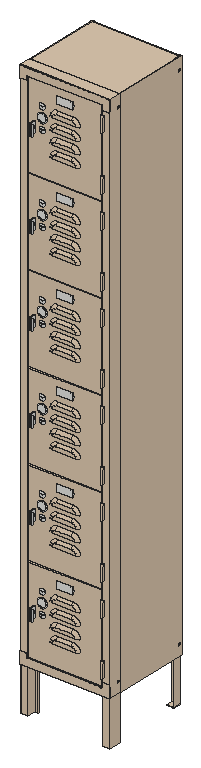
Revit family "Metal_Lockers-Salsbury_Industries-65000_66000_Series-1_Wide_Units", category Specialty Equipment, Revit 2024 (continued)
Definition of nested family "Metal Locker Legs"
  Automatic sketch dimensions
    plane 6 "Left Side of Unit" to Extrusion 2 sketch curve = 0.060"
    plane 17 "Back Edge of Rear Legs" to Extrusion 3 sketch curve = 0.000"
    Extrusion 3 sketch curve to plane 21 "Inside Edge or Rear Right Leg" = 0.000"
    Extrusion 3 sketch curve to plane 18 "Right Edge of Rear Right Leg" = 0.000"
    plane 20 to Extrusion 3 sketch curve = 0.000"
    plane 17 "Back Edge of Rear Legs" to Extrusion 3 sketch curve = 0.060"
    plane 18 "Right Edge of Rear Right Leg" to Extrusion 3 sketch curve = 0.060"
    plane 17 "Back Edge of Rear Legs" to Extrusion 4 sketch curve = 0.000"
    Extrusion 4 sketch curve to plane 18 "Right Edge of Rear Right Leg" = 0.000"
    plane 20 to Extrusion 4 sketch curve = 0.000"
    Extrusion 4 sketch curve to plane 21 "Inside Edge or Rear Right Leg" = 0.000"
    plane 17 "Back Edge of Rear Legs" to Extrusion 5 sketch curve = 0.000"
    Extrusion 5 sketch curve to plane 22 "Inside Edge or Left Rear Leg" = 0.000"
    Extrusion 5 sketch curve to plane 19 "Left Edge or Rear Left Leg" = 0.000"
    plane 20 to Extrusion 5 sketch curve = 0.000"
    Extrusion 5 sketch curve to plane 17 "Back Edge of Rear Legs" = 0.060"
    Extrusion 5 sketch curve to plane 19 "Left Edge or Rear Left Leg" = 0.060"
    plane 17 "Back Edge of Rear Legs" to Extrusion 6 sketch curve = 0.000"
    Extrusion 6 sketch curve to plane 19 "Left Edge or Rear Left Leg" = 0.000"
    plane 20 to Extrusion 6 sketch curve = 0.000"
    Extrusion 6 sketch curve to plane 22 "Inside Edge or Left Rear Leg" = 0.000"
Definition of nested family "Metal Locker Doors-12 inch with Latch Hasps"
  Parameters (values of type "Six Tier Door - 6 foot")
    Width = 9.901"
    Visible = yes
    Primary Structure Material = none
    Louver Set Vertical Alignment = 2.731"
    Number Plate Alignment = 0.9375"
    Louver Width = 4.000"
    Hinge 2 Placement = 8.449"
    Hinge 1 Placement = 1.125"
    Height = 11.532"
    Hasp Plate Rivet Material = none
    Hasp Height = 1.438"
    Depth = 0.900"
    Default Elevation = 0.000"
  Types (4): name | Louver Set Vertical Alignment | Hinge 2 Placement | Height
    Four Tier Door - 6 foot | 5.710" | 14.142" | 17.360"
    Four Tier Door - 5 foot | 4.240" | 11.142" | 14.360"
    Five Tier Door - 5 foot | 2.826" | 8.188" | 11.463"
    Six Tier Door - 6 foot | 2.731" | 8.449" | 11.532"
  Reference planes (in)
    plane 1 "Center (Front/Back)": y = 0
    plane 2 "Bottom of Door": z = 0
    plane 3 "Center (Left/Right)": x = 0
    plane 4 "Center (Top/Bottom)": z = 5.766
    plane 5 "Top of Door": z = 11.532
    plane 6 "Right Side of Door": x = 4.9505
    plane 7 "Left Side of Door": x = -4.9505
    plane 8 "Front of Door": y = -0.45
    plane 9 "Back of Door": y = 0.45
    plane 10 "Top of Number Plate": z = 10.5945
    plane 11 "Top of Top Vent 1": z = 8.801
    plane 12 "Top of Top Vent 2": z = 7.176
    plane 13 "Top of Top Vent 3": z = 5.551
    plane 14 "Top of Top Vent 4": z = 3.926
    plane 15 "Top of Hasp Alignment": z = 6.485
    plane 16 "Bottom of Hasp Alignment": z = 5.047
    plane 17 "Left Side of Louvers": x = -2
    plane 18 "Right Side of Louvers": x = 2
    plane 19 "Front of Louvers": y = -0.6375
    plane 20: x = -1.094
    plane 21: x = 1.094
    plane 22: z = 9.5945
    plane 23 "Center Hasp": x = -1.7755
    plane 24 "Top of Hinge 2": z = 3.083
    plane 25 "Top of Hinge 1": z = 10.407
    plane 26 "Left Hasp Hole Align": x = -4.263
    plane 27 "Right Hasp Hole Align": x = -4.013
    plane 28 "Center Hasp Stud Align": z = 7.18441
    plane 29 "Top Hasp Stud Align": z = 8.60282
    plane 30 "Vertical Hasp Stud Align": x = -3.076
    plane 31: z = 7.801
    plane 32: z = 6.176
    plane 33: z = 4.551
    plane 34: z = 2.926
    plane 35 "Vertical Center Hasp Align": x = -4.13777
  Forms (in)
    Extrusion 1, solid, material <- "Primary Structure Material", visible <- "Visible"
      sketch origin (0, 0, 0) x (1, 0, 0) y (0, 0, 1)
        loop
          line (-4.9505, 11.532) -> (-4.9505, 0) -> (4.9505, 0) -> (4.9505, 11.532) -> (-4.9505, 11.532)
      from -0.45 to 0.45
    Extrusion 2, solid, material <- "Hasp Plate Rivet Material", visible <- "Visible", detail levels medium+fine
      sketch origin (0, -0.45, 0) x (1, 0, 0) y (0, 0, 1)
        loop
          arc (-1.06847, 10.55895) -> (-1.10166, 10.09621) -> (-1.06847, 9.63347) r 3.2426
          arc (-1.06847, 9.63347) -> (0, 9.59472) -> (1.06847, 9.63347) r 14.75
          arc (1.06847, 9.63347) -> (1.10166, 10.09621) -> (1.06847, 10.55895) r 3.2426
          arc (1.06847, 10.55895) -> (0, 10.59799) -> (-1.06847, 10.55895) r 14.63753
      from 0 to 0.03497
    Extrusion 3, void
      sketch origin (-1.7755, -0.13281, 0.04687) x (0, 0, -1) y (0, -1, 0)
        loop
          circle (-5.44277, -0.16411) r 0.2
      from -0.163 to 0.163
    Extrusion 4, solid, material <- "Primary Structure Material", visible <- "Visible", detail levels medium+fine
      sketch origin (0, 0, 10.407) x (0, -1, 0) y (1, 0, 0)
        loop
          line (0.45, 4.9505) -> (0.575, 4.9505)
          arc (0.575, 4.9505) -> (0.7, 5.0755) -> (0.575, 5.2005) r 0.125
          line (0.575, 5.2005) -> (0.45, 5.2005) -> (0.45, 4.9505)
      from 0 to -2
    Extrusion 5, solid, material <- "Primary Structure Material", visible <- "Visible", detail levels medium+fine
      sketch origin (0, 0, 3.083) x (0, -1, 0) y (1, 0, 0)
        loop
          line (0.45, 4.9505) -> (0.575, 4.9505)
          arc (0.575, 4.9505) -> (0.7, 5.0755) -> (0.575, 5.2005) r 0.125
          line (0.575, 5.2005) -> (0.45, 5.2005) -> (0.45, 4.9505)
      from 0 to -2
    Extrusion 6, void
      sketch origin (0, -0.45, 0) x (1, 0, 0) y (0, 0, 1)
        loop
          line (-4.263, 6.485) -> (-4.263, 5.047) -> (-4.013, 5.047) -> (-4.013, 6.485) -> (-4.263, 6.485)
      from -0.9 to 0
    Blend 7, solid, material <- "Primary Structure Material", visible <- "Visible"
      base sketch origin (0.875, -0.45, 0.208) x (1, 0, 0) y (0, 0, 1)
        loop
          line (-2.875, 7.593) -> (1.125, 7.593)
          arc (1.125, 7.593) -> (0.83211, 8.30011) -> (0.125, 8.593) r 1
          line (0.125, 8.593) -> (-1.875, 8.593)
          arc (-1.875, 8.593) -> (-2.58211, 8.30011) -> (-2.875, 7.593) r 1
      top sketch origin (0.875, -0.6375, 0.208) x (1, 0, 0) y (0, 0, 1)
        loop
          line (-2.44242, 7.593) -> (0.69242, 7.593)
          arc (0.69242, 7.593) -> (0.52766, 7.99075) -> (0.12992, 8.1555) r 0.5625
          line (0.12992, 8.1555) -> (-1.87992, 8.1555)
          arc (-1.87992, 8.1555) -> (-2.27766, 7.99075) -> (-2.44242, 7.593) r 0.5625
      from 0 to 0
    Blend 8, solid, material <- "Primary Structure Material", visible <- "Visible"
      base sketch origin (0.875, -0.45, 1.652) x (1, 0, 0) y (0, 0, 1)
        loop
          line (-2.875, 4.524) -> (1.125, 4.524)
          arc (1.125, 4.524) -> (0.83211, 5.23111) -> (0.125, 5.524) r 1
          line (0.125, 5.524) -> (-1.875, 5.524)
          arc (-1.875, 5.524) -> (-2.58211, 5.23111) -> (-2.875, 4.524) r 1
      top sketch origin (0.875, -0.6375, 1.652) x (1, 0, 0) y (0, 0, 1)
        loop
          line (-2.43346, 4.524) -> (0.68346, 4.524)
          arc (0.68346, 4.524) -> (0.52224, 4.91321) -> (0.13303, 5.07443) r 0.55043
          line (0.13303, 5.07443) -> (-1.88303, 5.07443)
          arc (-1.88303, 5.07443) -> (-2.27224, 4.91321) -> (-2.43346, 4.524) r 0.55043
      from 0 to 0
    Blend 9, solid, material <- "Primary Structure Material", visible <- "Visible"
      base sketch origin (0.875, -0.45, -3.042) x (1, 0, 0) y (0, 0, 1)
        loop
          line (-2.875, 7.593) -> (1.125, 7.593)
          arc (1.125, 7.593) -> (0.83211, 8.30011) -> (0.125, 8.593) r 1
          line (0.125, 8.593) -> (-1.875, 8.593)
          arc (-1.875, 8.593) -> (-2.58211, 8.30011) -> (-2.875, 7.593) r 1
      top sketch origin (0.875, -0.6375, -3.042) x (1, 0, 0) y (0, 0, 1)
        loop
          line (-2.44242, 7.593) -> (0.58842, 7.593)
          arc (0.58842, 7.593) -> (0.45412, 7.91721) -> (0.12992, 8.0515) r 0.4585
          line (0.12992, 8.0515) -> (-1.98392, 8.0515)
          arc (-1.98392, 8.0515) -> (-2.30812, 7.91721) -> (-2.44242, 7.593) r 0.4585
      from 0 to 0
    Blend 10, solid, material <- "Primary Structure Material", visible <- "Visible"
      base sketch origin (0.875, -0.45, -1.598) x (1, 0, 0) y (0, 0, 1)
        loop
          line (-2.875, 4.524) -> (1.125, 4.524)
          arc (1.125, 4.524) -> (0.83211, 5.23111) -> (0.125, 5.524) r 1
          line (0.125, 5.524) -> (-1.875, 5.524)
          arc (-1.875, 5.524) -> (-2.58211, 5.23111) -> (-2.875, 4.524) r 1
      top sketch origin (0.875, -0.6375, -1.598) x (1, 0, 0) y (0, 0, 1)
        loop
          line (-2.43234, 4.524) -> (0.68234, 4.524)
          arc (0.68234, 4.524) -> (0.52129, 4.9128) -> (0.13249, 5.07385) r 0.54985
          line (0.13249, 5.07385) -> (-1.88249, 5.07385)
          arc (-1.88249, 5.07385) -> (-2.27129, 4.9128) -> (-2.43234, 4.524) r 0.54985
      from 0 to 0
    Blend 11, solid, material <- "Hasp Plate Rivet Material", visible <- "Visible", detail levels medium+fine
      base sketch origin (0, -0.45, 0) x (1, 0, 0) y (0, 0, 1)
        loop
          circle (-3.076, 5.766) r 0.375
      top sketch origin (0, -0.45, 0) x (1, 0, 0) y (0, 0, 1)
        loop
          circle (-3.076, 5.766) r 0.09706
      from 0 to 0.03497
    Blend 12, solid, material <- "Hasp Plate Rivet Material", visible <- "Visible", detail levels medium+fine
      base sketch origin (0, -0.45, 2.83682) x (1, 0, 0) y (0, 0, 1)
        loop
          circle (-3.076, 5.766) r 0.375
      top sketch origin (0, -0.45, 2.83682) x (1, 0, 0) y (0, 0, 1)
        loop
          circle (-3.076, 5.766) r 0.09706
      from 0 to 0.03497
    Blend 13, solid, material <- "Hasp Plate Rivet Material", visible <- "Visible", detail levels medium+fine
      base sketch origin (0, -0.45, -0.16841) x (1, 0, 0) y (0, 0, 1)
        loop
          circle (-3.076, 7.35282) r 0.625
      top sketch origin (0, -0.45, -0.16841) x (1, 0, 0) y (0, 0, 1)
        loop
          circle (-3.076, 7.35282) r 0.58088
      from 0 to 0.03497
    Extrusion 14, solid, material <- "Hasp Plate Rivet Material", visible <- "Visible"
      sketch origin (0, 0, 5.047) x (0, -1, 0) y (1, 0, 0)
        loop
          line (-0.45, -4.07527) -> (-0.45, -4.13777) -> (1.2, -4.13777)
          arc (1.2, -4.13777) -> (1.24419, -4.11946) -> (1.2625, -4.07527) r 0.0625
          line (1.2625, -4.07527) -> (1.2625, -3.76277) -> (1.20579, -3.76277) -> (1.20579, -4.0127)
          arc (1.20579, -4.0127) -> (1.18746, -4.05694) -> (1.14322, -4.07527) r 0.06257
          line (1.14322, -4.07527) -> (-0.45, -4.07527)
      from 0 to 1.438
    Extrusion 15, solid, material <- "Hasp Plate Rivet Material", visible <- "Visible"
      sketch origin (0, 0, 5.047) x (0, -1, 0) y (1, 0, 0)
        loop
          line (-0.45, -4.20027) -> (1.2625, -4.20027) -> (1.2625, -4.13777) -> (-0.45, -4.13777) -> (-0.45, -4.20027)
      from 0 to 1.438
    Extrusion 16, void
      sketch origin (-4.013, 0, 0) x (0, 0, -1) y (0, -1, 0)
        loop
          circle (-5.766, 0.82219) r 0.375
      from 0 to 0.25
  Cuts and joins
    Extrusion 3, Extrusion 6 cuts Extrusion 1
    Extrusion 16 cuts Extrusion 14
    Extrusion 16 cuts Extrusion 15
  Lines and regions (in)
    symbolic lines
      curve 1: arc (-2, -0.45, 7.801) -> (-1.70711, -0.45, 8.50811) -> (-1, -0.45, 8.801) r 1
      curve 2: arc (2, -0.45, 7.801) -> (1.70711, -0.45, 8.50811) -> (1, -0.45, 8.801) r 1
      curve 3: arc (2, -0.45, 6.176) -> (1.70711, -0.45, 6.88311) -> (1, -0.45, 7.176) r 1
      curve 4: arc (-2, -0.45, 6.176) -> (-1.70711, -0.45, 6.88311) -> (-1, -0.45, 7.176) r 1
      curve 5: arc (2, -0.45, 4.551) -> (1.70711, -0.45, 5.25811) -> (1, -0.45, 5.551) r 1
      curve 6: arc (-2, -0.45, 4.551) -> (-1.70711, -0.45, 5.25811) -> (-1, -0.45, 5.551) r 1
      curve 7: arc (-2, -0.45, 2.926) -> (-1.70711, -0.45, 3.63311) -> (-1, -0.45, 3.926) r 1
      curve 8: arc (2, -0.45, 2.926) -> (1.70711, -0.45, 3.63311) -> (1, -0.45, 3.926) r 1
      curve 9: line (-2, -0.45, 2.926) -> (2, -0.45, 2.926)
      curve 10: line (1, -0.45, 3.926) -> (-1, -0.45, 3.926)
      curve 11: line (-2, -0.45, 4.551) -> (2, -0.45, 4.551)
      curve 12: line (1, -0.45, 5.551) -> (-1, -0.45, 5.551)
      curve 13: line (1, -0.45, 7.176) -> (-1, -0.45, 7.176)
      curve 14: line (-2, -0.45, 6.176) -> (2, -0.45, 6.176)
      curve 15: line (2, -0.45, 7.801) -> (-2, -0.45, 7.801)
      curve 16: line (1, -0.45, 8.801) -> (-1, -0.45, 8.801)
      curve 17: circle (-3.076, -0.45, 7.18441) r 0.625 normal (0, -1, 0)
      curve 18: circle (-3.076, -0.45, 8.60282) r 0.375 normal (0, -1, 0)
      curve 19: circle (-3.076, -0.45, 5.766) r 0.375 normal (0, -1, 0)
      curve 20: line (-4.263, -0.45, 6.485) -> (-3.76277, -0.45, 6.485)
      curve 21: line (-4.263, -0.45, 5.047) -> (-4.263, -0.45, 6.485)
      curve 22: line (-3.76277, -0.45, 5.047) -> (-4.263, -0.45, 5.047)
      curve 23: line (-3.76277, -0.45, 6.485) -> (-3.76277, -0.45, 5.047)
      curve 24: line (-4.20027, -0.44719, 5.047) -> (-4.20027, -1.2625, 5.047)
      curve 25: line (-4.20027, -1.2625, 5.047) -> (-3.76277, -1.2625, 5.047)
      curve 26: line (-3.76277, -1.2625, 5.047) -> (-3.76277, -1.20579, 5.047)
      curve 27: line (-3.76277, -1.20579, 5.047) -> (-4.0127, -1.20579, 5.047)
      curve 28: arc (-4.0127, -1.20579, 5.047) -> (-4.05694, -1.18746, 5.047) -> (-4.07527, -1.14322, 5.047) r 0.06257
      curve 29: line (-4.07527, -1.14322, 5.047) -> (-4.07527, -0.44719, 5.047)
      curve 30: line (-1.56742, -0.6375, 5.047) -> (-2, -0.45, 5.047)
      curve 31: line (1.55734, -0.6375, 5.047) -> (2.0161, -0.43865, 5.047)
      curve 32: line (1.55734, -0.6375, 5.047) -> (-1.56742, -0.6375, 5.047)
  Dimensions and locks (in)
    equal spacing: plane 5 "Top of Door", plane 4 "Center (Top/Bottom)", plane 2 "Bottom of Door"
    "Height": plane 5 "Top of Door" to plane 2 "Bottom of Door"
    equal spacing: plane 8 "Front of Door", plane 1 "Center (Front/Back)", plane 9 "Back of Door"
    "Depth": plane 8 "Front of Door" to plane 9 "Back of Door"
    equal spacing: plane 7 "Left Side of Door", plane 3 "Center (Left/Right)", plane 6 "Right Side of Door"
    "Width": plane 7 "Left Side of Door" to plane 6 "Right Side of Door"
    "Number Plate Alignment": plane 5 "Top of Door" to plane 10 "Top of Number Plate" to plane 22
    equal spacing: plane 17 "Left Side of Louvers", plane 3 "Center (Left/Right)", plane 18 "Right Side of Louvers"
    "Louver Width": plane 17 "Left Side of Louvers" to plane 18 "Right Side of Louvers"
    "Louver Set Vertical Alignment": plane 5 "Top of Door" to plane 11 "Top of Top Vent 1"
    plane 11 "Top of Top Vent 1" to plane 12 "Top of Top Vent 2" to plane 13 "Top of Top Vent 3" to plane 14 "Top of Top Vent 4" = 1.625", 1.625", 1.625"
    plane 29 "Top Hasp Stud Align" to plane 28 "Center Hasp Stud Align" to plane 15 "Top of Hasp Alignment" to plane 4 "Center (Top/Bottom)" to plane 16 "Bottom of Hasp Alignment" = 1.41841", 0.69941", 0.719", 0.719"
    "Hasp Height": plane 15 "Top of Hasp Alignment" to plane 16 "Bottom of Hasp Alignment"
    locked: plane 19 "Front of Louvers" to plane 8 "Front of Door" at 0.1875
    plane 20 to plane 3 "Center (Left/Right)" to plane 21 = 1.094" locked, 1.094" locked
    "Hinge 1 Placement": plane 5 "Top of Door" to plane 25 "Top of Hinge 1"
    "Hinge 2 Placement": plane 5 "Top of Door" to plane 24 "Top of Hinge 2"
    plane 7 "Left Side of Door" to plane 26 "Left Hasp Hole Align" to plane 27 "Right Hasp Hole Align" to plane 30 "Vertical Hasp Stud Align" = 0.6875" locked, 0.250" locked, 0.937" locked
    plane 11 "Top of Top Vent 1" to plane 31 = 1.000"
    plane 12 "Top of Top Vent 2" to plane 32 = 1.000"
    plane 13 "Top of Top Vent 3" to plane 33 = 1.000"
    plane 14 "Top of Top Vent 4" to plane 34 = 1.000"
    aligned and locked: level to plane 2 "Bottom of Door"
    aligned and locked: plane 5 "Top of Door" to Extrusion 1 sketch curve
    aligned and locked: Extrusion 1 sketch curve to plane 7 "Left Side of Door"
    aligned and locked: plane 2 "Bottom of Door" to Extrusion 1 sketch curve
    aligned and locked: plane 6 "Right Side of Door" to Extrusion 1 sketch curve
    aligned and locked: plane 15 "Top of Hasp Alignment" to Extrusion 6 sketch curve
    aligned and locked: Extrusion 6 sketch curve to plane 26 "Left Hasp Hole Align"
    aligned and locked: Extrusion 6 sketch curve to plane 16 "Bottom of Hasp Alignment"
    aligned and locked: plane 27 "Right Hasp Hole Align" to Extrusion 6 sketch curve
    aligned and locked: plane 11 "Top of Top Vent 1" to Blend 7
    aligned and locked: plane 12 "Top of Top Vent 2" to Blend 8
    aligned and locked: plane 13 "Top of Top Vent 3" to Blend 9
    aligned and locked: plane 14 "Top of Top Vent 4" to Blend 10
    aligned and locked: plane 31 to Blend 7
    aligned and locked: Blend 7 sketch curve to plane 11 "Top of Top Vent 1"
    aligned and locked: plane 31 to Blend 7 sketch curve  (x2)
    aligned and locked: Blend 8 sketch curve to plane 12 "Top of Top Vent 2"
    aligned and locked: plane 32 to Blend 8 sketch curve  (x2)
    aligned and locked: Blend 9 sketch curve to plane 13 "Top of Top Vent 3"
    aligned and locked: plane 33 to Blend 9 sketch curve  (x2)
    aligned and locked: Blend 10 sketch curve to plane 14 "Top of Top Vent 4"
    aligned and locked: plane 34 to Blend 10 sketch curve  (x2)
    aligned and locked: plane 29 "Top Hasp Stud Align" to Blend 12 sketch curve  (x2)
    aligned and locked: plane 4 "Center (Top/Bottom)" to Blend 11 sketch curve  (x2)
    aligned and locked: plane 28 "Center Hasp Stud Align" to Blend 13 sketch curve  (x2)
    aligned and locked: plane 35 "Vertical Center Hasp Align" to Extrusion 15 sketch curve
    aligned and locked: plane 35 "Vertical Center Hasp Align" to Extrusion 14 sketch curve
    aligned and locked: plane 4 "Center (Top/Bottom)" to Extrusion 16 sketch curve
    aligned and locked: curve 1 to Blend 7  (x2)
    aligned and locked: Blend 7 to curve 2  (x2)
    aligned and locked: curve 3 to Blend 8
    aligned and locked: Blend 8 to curve 3
    aligned and locked: curve 4 to Blend 8
    aligned and locked: curve 5 to Blend 9
    aligned and locked: Blend 9 to curve 5
    aligned and locked: Blend 9 to curve 6
    aligned and locked: curve 6 to Blend 9
    aligned and locked: curve 7 to Blend 10
    aligned and locked: curve 8 to Blend 10
    aligned and locked: curve 9 to Blend 10
    aligned and locked: curve 10 to Blend 10
    aligned and locked: curve 14 to Blend 8
    aligned and locked: curve 20 to cut or joined group of Extrusion 1, Extrusion 3, Extrusion 6
    aligned and locked: curve 21 to cut or joined group of Extrusion 1, Extrusion 3, Extrusion 6
    aligned and locked: curve 22 to cut or joined group of Extrusion 14, Extrusion 16
    aligned and locked: curve 23 to cut or joined group of Extrusion 14, Extrusion 16
    aligned and locked: curve 24 to cut or joined group of Extrusion 15, Extrusion 16
    aligned and locked: curve 25 to cut or joined group of Extrusion 15, Extrusion 16
    aligned and locked: curve 26 to cut or joined group of Extrusion 14, Extrusion 16
    aligned and locked: curve 27 to cut or joined group of Extrusion 14, Extrusion 16
    aligned and locked: curve 28 to cut or joined group of Extrusion 14, Extrusion 16
  Automatic sketch dimensions
    Extrusion 2 sketch curve to plane 3 "Center (Left/Right)" = 0.000"  (x2)
    plane 17 "Left Side of Louvers" to Extrusion 2 sketch curve = 0.14094"
    Extrusion 2 sketch curve to plane 18 "Right Side of Louvers" = 0.14094"
    Extrusion 2 sketch curve to level = 4.03954"
    plane 25 "Top of Hinge 1" to Extrusion 2 sketch curve = 0.31079"  (x2)
    Extrusion 2 sketch curve to plane 5 "Top of Door" = 12.81272"
    Extrusion 2 sketch curve to plane 20 = 0.02553"  (x2)
    plane 21 to Extrusion 2 sketch curve = 0.02553"
    Extrusion 2 sketch curve to plane 22 = 0.03897"
    plane 13 "Top of Top Vent 3" to Extrusion 3 sketch curve = 0.06135"
    Extrusion 3 sketch curve to plane 1 "Center (Front/Back)" = 0.0313"
    Extrusion 4 sketch curve to plane 6 "Right Side of Door" = 0.000"
    plane 8 "Front of Door" to Extrusion 4 sketch curve = 0.000"
    Extrusion 4 sketch curve to plane 19 "Front of Louvers" = 0.0625"
    Extrusion 4 sketch curve to plane 6 "Right Side of Door" = 0.125"
    Extrusion 5 sketch curve to plane 6 "Right Side of Door" = 0.000"
    plane 8 "Front of Door" to Extrusion 5 sketch curve = 0.000"
    Extrusion 5 sketch curve to plane 19 "Front of Louvers" = 0.0625"
    Extrusion 5 sketch curve to plane 6 "Right Side of Door" = 0.125"
    plane 17 "Left Side of Louvers" to Blend 7 sketch curve = 0.000"
    plane 18 "Right Side of Louvers" to Blend 7 sketch curve = 0.000"
    Blend 7 sketch curve to plane 23 "Center Hasp" = 0.20808"
    Blend 7 sketch curve to plane 20 = 0.08908"
    plane 21 to Blend 7 sketch curve = 0.08908"
    plane 17 "Left Side of Louvers" to Blend 8 sketch curve = 0.000"
    plane 18 "Right Side of Louvers" to Blend 8 sketch curve = 0.000"
    Blend 8 sketch curve to plane 23 "Center Hasp" = 0.21704"
    Blend 8 sketch curve to plane 20 = 0.08597"
    plane 21 to Blend 8 sketch curve = 0.08597"
    plane 17 "Left Side of Louvers" to Blend 9 sketch curve = 0.000"
    plane 18 "Right Side of Louvers" to Blend 9 sketch curve = 0.000"
    Blend 9 sketch curve to plane 23 "Center Hasp" = 0.20808"
    plane 16 "Bottom of Hasp Alignment" to Blend 9 sketch curve = 0.0375"
    plane 21 to Blend 9 sketch curve = 0.08908"
    plane 17 "Left Side of Louvers" to Blend 10 sketch curve = 0.000"
    plane 18 "Right Side of Louvers" to Blend 10 sketch curve = 0.000"
    Blend 10 sketch curve to plane 23 "Center Hasp" = 0.21816"
    Blend 10 sketch curve to plane 20 = 0.08651"
    plane 21 to Blend 10 sketch curve = 0.08651"
    plane 30 "Vertical Hasp Stud Align" to Blend 11 sketch curve = 0.000"  (x2)
    plane 30 "Vertical Hasp Stud Align" to Blend 12 sketch curve = 0.000"  (x2)
    plane 30 "Vertical Hasp Stud Align" to Blend 13 sketch curve = 0.000"  (x2)
    Extrusion 14 sketch curve to plane 1 "Center (Front/Back)" = 0.450"
    plane 27 "Right Hasp Hole Align" to Extrusion 14 sketch curve = 0.06227"
    Extrusion 14 sketch curve to plane 27 "Right Hasp Hole Align" = 0.0003"
    plane 19 "Front of Louvers" to Extrusion 14 sketch curve = 0.50572"
    Extrusion 14 sketch curve to Extrusion 14 sketch curve = 0.05678"
    Extrusion 14 sketch curve to Extrusion 14 sketch curve = 0.24993"
    plane 9 "Back of Door" to Extrusion 15 sketch curve = 0.000"
    plane 19 "Front of Louvers" to Extrusion 15 sketch curve = 0.625"
    Extrusion 15 sketch curve to plane 26 "Left Hasp Hole Align" = 0.06273"
    Extrusion 14 sketch curve to Extrusion 14 sketch curve = 0.06257"
    plane 19 "Front of Louvers" to Extrusion 16 sketch curve = 0.18469"
    curve 19 to plane 4 "Center (Top/Bottom)" = 0.000"
    plane 30 "Vertical Hasp Stud Align" to curve 19 = 0.000"
    curve 17 to plane 28 "Center Hasp Stud Align" = 0.000"
    plane 30 "Vertical Hasp Stud Align" to curve 17 = 0.000"
    curve 18 to plane 29 "Top Hasp Stud Align" = 0.000"
    plane 30 "Vertical Hasp Stud Align" to curve 18 = 0.000"
    plane 17 "Left Side of Louvers" to curve 11 = 0.000"
    plane 17 "Left Side of Louvers" to curve 4 = 0.000"
    plane 17 "Left Side of Louvers" to curve 9 = 0.000"
    plane 17 "Left Side of Louvers" to curve 15 = 0.000"
    plane 18 "Right Side of Louvers" to curve 8 = 0.000"
    plane 18 "Right Side of Louvers" to curve 3 = 0.000"
    plane 18 "Right Side of Louvers" to curve 15 = 0.000"
    plane 18 "Right Side of Louvers" to curve 11 = 0.000"
    plane 8 "Front of Door" to curve 30 = 0.000"
    plane 19 "Front of Louvers" to curve 30 = 0.000"
    curve 30 to plane 17 "Left Side of Louvers" = 0.000"
    curve 29 to curve 27 = 0.06257"
    curve 24 to plane 8 "Front of Door" = 0.00281"
    curve 29 to plane 8 "Front of Door" = 0.00281"
    curve 31 to plane 8 "Front of Door" = 0.01135"
    curve 30 to plane 23 "Center Hasp" = 0.20808"
    plane 18 "Right Side of Louvers" to curve 32 = 0.44266"
    curve 31 to plane 18 "Right Side of Louvers" = 0.0161"
    radius of Extrusion 3 sketch curve = 0.200"
    radius of Blend 11 sketch curve = 0.375"
    radius of Blend 11 sketch curve = 0.09706"
    radius of Blend 12 sketch curve = 0.375"
    radius of Blend 12 sketch curve = 0.09706"
    radius of Blend 13 sketch curve = 0.625"
    radius of Blend 13 sketch curve = 0.58088"
    radius of Extrusion 16 sketch curve = 0.375"
    radius of curve 17 = 0.625"
    radius of curve 18 = 0.375"
    radius of curve 19 = 0.375"
Definition of nested family "Metal Locker Front Base"
  Parameters (values of type "77742 - for 12" W Lockers with Legs")
    Width = 10.040"
    Visible [instance] = yes
    Version = "1.0 (11/30/15)"
    Type Comments = "Front Base for Standard Metal Lockers"
    Primary Structure Material = none
    Model = "77742"
    MasterFormat Title = ""
    MasterFormat Number = ""
    Manufacturer = "Salsbury Industries"
    Description = "Front Base for 12\" Wide Lockers"
    Depth = 1.185"
    Height = 6.000"
    Default Elevation = 0.000"
    Assembly Code = ""
  Types (3): name | Width | Visible | Model | Description
    77742 - for 12" W Lockers with Legs | 10.040" | yes | "77742" | "Front Base for 12\" Wide Lockers"
    77745 - for 15" W Lockers with Legs | 13.040" | yes | "77745" | "Front Base for 15\" Wide Lockers"
    None | 10.040" | no | "77742" | "Front Base for 12\" Wide Lockers"
  Reference planes (in)
    plane 1 "Center (Front/Back)": y = -5.417
    plane 2: z = 0
    plane 3 "Center (Left/Right)": x = 0
    plane 4 "Floor": z = 0
    plane 5 "Top of Enclosure": z = 6
    plane 6 "Front of Enclosure": y = -6.005
    plane 7 "Right Side of Enclosure": x = 5.02
    plane 8 "Left Side of Enclosure": x = -5.02
    plane 9 "Back of Enclosure": y = -4.82
  Forms (in)
    Extrusion 1, solid, material <- "Primary Structure Material", visible <- "Visible"
      sketch origin (0, -6.005, 0) x (1, 0, 0) y (0, 0, 1)
        loop
          line (-5.02, 6) -> (-5.02, 0) -> (5.02, 0) -> (5.02, 6) -> (-5.02, 6)
      from -0.06 to 0
    Extrusion 2, solid, material <- "Primary Structure Material", visible <- "Visible"
      sketch origin (0, 0, 0) x (0, 1, 0) y (0, 0, 1)
        loop
          line (-5.945, 6) -> (-5.945, 5.94) -> (-4.82, 5.94) -> (-4.82, 6) -> (-5.945, 6)
      from -5.02 to 5.02
    Extrusion 3, solid, material <- "Primary Structure Material", visible <- "Visible"
      sketch origin (5.02, 0, 0) x (0, 0, -1) y (0, -1, 0)
        loop
          line (-5.75, 5.945) -> (-5.75, 4.82) -> (-0.25, 4.82) -> (-0.25, 5.945) -> (-5.75, 5.945)
      from 0 to 0.06
    Extrusion 4, solid, material <- "Primary Structure Material", visible <- "Visible"
      sketch origin (-5.02, 0, 0) x (0, 0, -1) y (0, -1, 0)
        loop
          line (-5.75, 5.945) -> (-5.75, 4.82) -> (-0.25, 4.82) -> (-0.25, 5.945) -> (-5.75, 5.945)
      from 0 to -0.06
  Dimensions and locks (in)
    "Height": plane 5 "Top of Enclosure" to plane 4 "Floor"
    plane 6 "Front of Enclosure" to plane 1 "Center (Front/Back)" = 0.588"
    "Depth": plane 6 "Front of Enclosure" to plane 9 "Back of Enclosure"
    equal spacing: plane 8 "Left Side of Enclosure", plane 3 "Center (Left/Right)", plane 7 "Right Side of Enclosure"
    "Width": plane 8 "Left Side of Enclosure" to plane 7 "Right Side of Enclosure"
    aligned and locked: level to plane 2
    aligned and locked: plane 8 "Left Side of Enclosure" to Extrusion 2
    aligned and locked: Extrusion 2 to plane 7 "Right Side of Enclosure"
    aligned and locked: Extrusion 1 to plane 7 "Right Side of Enclosure"
  Automatic sketch dimensions
    Extrusion 1 sketch curve to Extrusion 1 sketch curve = 10.040"
    Extrusion 1 sketch curve to Extrusion 1 sketch curve = 6.000"
    Extrusion 2 sketch curve to Extrusion 2 sketch curve = 1.125"
    Extrusion 2 sketch curve to Extrusion 2 sketch curve = 0.060"
    Extrusion 3 sketch curve to Extrusion 3 sketch curve = 5.500"
    Extrusion 3 sketch curve to Extrusion 3 sketch curve = 1.125"
    Extrusion 4 sketch curve to Extrusion 4 sketch curve = 5.500"
    Extrusion 4 sketch curve to Extrusion 4 sketch curve = 1.125"
    Extrusion 1 sketch curve to level = 0.000"
    plane 8 "Left Side of Enclosure" to Extrusion 1 sketch curve = 0.000"
    plane 5 "Top of Enclosure" to Extrusion 2 sketch curve = 0.000"
    Extrusion 2 sketch curve to plane 9 "Back of Enclosure" = 0.000"
    Extrusion 3 sketch curve to plane 9 "Back of Enclosure" = 0.000"
    plane 5 "Top of Enclosure" to Extrusion 3 sketch curve = 0.250"
    Extrusion 4 sketch curve to plane 9 "Back of Enclosure" = 0.000"
    plane 5 "Top of Enclosure" to Extrusion 4 sketch curve = 0.250"
Definition of nested family "Metal Locker Right Side Base"
  Parameters (values of type "77732 Right - for 12" D Lockers with Legs")
    Width including Rivet [instance] = 1.290"
    Visible = yes
    Primary Structure Material = none
    Depth = 10.422"
    Version = "1.0 (11/30/15)"
    Type Comments = "End Base for Standard Metal Lockers"
    Model = "77732"
    MasterFormat Title = ""
    MasterFormat Number = ""
    Manufacturer = "Salsbury Industries"
    Description = "1.25\"W x 6\" H x 10\"D"
    Width = 1.250"
    Height = 6.000"
    Default Elevation = 0.000"
    Assembly Code = ""
  Types (4): name | Visible | Depth | Model | Description
    77732 Right - for 12" D Lockers with Legs | yes | 10.422" | "77732" | "1.25\"W x 6\" H x 10\"D"
    77735 Right - for 15" D Lockers with Legs | yes | 13.422" | "77735" | "1.25\"W x 6\" H x 13\"D"
    77738 Right - for 18" D Lockers with Legs | yes | 16.422" | "77738" | "1.25\"W x 6\" H x 16\"D"
    None | no | 10.422" | "" | ""
  Reference planes (in)
    plane 1 "Center (Front/Back)": y = 0
    plane 2: z = 0
    plane 3 "Center (Left/Right)": x = 5.395
    plane 4 "Floor": z = 0
    plane 5 "Top of Enclosure": z = 6
    plane 6 "Left Side of Unit": x = 4.77
    plane 7 "Right Side of Unit": x = 6.02
    plane 8 "Left Edge of Enclosure": y = -5.211
    plane 9 "Right Edge of Enclosure": y = 5.211
    plane 10 "Left Edge of Insert": y = -6.27647
    plane 11 "Right Edge of Insert": y = -5.15147
    plane 12 "Rivet Edge": x = 6.06
  Forms (in)
    Extrusion 1, solid, material <- "Primary Structure Material", visible <- "Visible"
      sketch origin (6.02, 0, 0) x (0, 0, -1) y (0, -1, 0)
        loop
          line (-6, 5.211) -> (-6, -5.211) -> (0, -5.211) -> (0, 5.211) -> (-6, 5.211)
      from 0 to 0.06
    Extrusion 2, solid, material <- "Primary Structure Material", visible <- "Visible"
      sketch origin (0, 0, 6) x (0, -1, 0) y (1, 0, 0)
        loop
          line (5.15147, 5.96) -> (5.15147, 5.9) -> (6.27647, 5.9) -> (6.27647, 5.96) -> (5.15147, 5.96)
      from -6 to 0
    Extrusion 3, solid, material <- "Primary Structure Material", visible <- "Visible"
      sketch origin (6.02, 0, 0) x (0, 0, -1) y (0, -1, 0)
        loop
          line (-6, 4.90147) -> (-6, -3.961) -> (-5.94, -3.961) -> (-5.94, 4.90147) -> (-6, 4.90147)
      from 0.06 to 1.25
    Extrusion 4, solid, material <- "Primary Structure Material", visible <- "Visible"
      sketch origin (6.02, 0, -5.94) x (0, 0, -1) y (0, -1, 0)
        loop
          line (-6, 4.90147) -> (-6, -3.961) -> (-5.94, -3.961) -> (-5.94, 4.90147) -> (-6, 4.90147)
      from 0.06 to 1.25
  Dimensions and locks (in)
    "Height": plane 5 "Top of Enclosure" to plane 4 "Floor"
    plane 10 "Left Edge of Insert" to plane 8 "Left Edge of Enclosure" to plane 11 "Right Edge of Insert" = 1.06547" locked, 0.05953" locked
    equal spacing: plane 8 "Left Edge of Enclosure", plane 1 "Center (Front/Back)", plane 9 "Right Edge of Enclosure"
    "Depth": plane 8 "Left Edge of Enclosure" to plane 9 "Right Edge of Enclosure"
    equal spacing: plane 6 "Left Side of Unit", plane 3 "Center (Left/Right)", plane 7 "Right Side of Unit"
    "Width": plane 6 "Left Side of Unit" to plane 7 "Right Side of Unit"
    locked: plane 7 "Right Side of Unit" to plane 12 "Rivet Edge" at 0.04
    "Width including Rivet": plane 6 "Left Side of Unit" to plane 12 "Rivet Edge"
    aligned and locked: level to plane 2
    aligned and locked: plane 11 "Right Edge of Insert" to Extrusion 2
    aligned and locked: plane 10 "Left Edge of Insert" to Extrusion 2
    aligned and locked: Extrusion 3 to Extrusion 1
    aligned and locked: plane 6 "Left Side of Unit" to Extrusion 3
  Automatic sketch dimensions
    plane 5 "Top of Enclosure" to Extrusion 1 sketch curve = 0.000"
    Extrusion 1 sketch curve to level = 0.000"
    Extrusion 2 sketch curve to plane 8 "Left Edge of Enclosure" = 0.05953"
    plane 7 "Right Side of Unit" to Extrusion 2 sketch curve = 0.120"
    Extrusion 2 sketch curve to Extrusion 2 sketch curve = 0.060"
    Extrusion 1 sketch curve to plane 8 "Left Edge of Enclosure" = 0.000"
    Extrusion 1 sketch curve to plane 9 "Right Edge of Enclosure" = 0.000"
    plane 10 "Left Edge of Insert" to Extrusion 2 sketch curve = 0.000"
    plane 5 "Top of Enclosure" to Extrusion 3 sketch curve = 0.000"
    Extrusion 3 sketch curve to Extrusion 3 sketch curve = 0.060"
    plane 9 "Right Edge of Enclosure" to Extrusion 3 sketch curve = 1.250"
    Extrusion 3 sketch curve to plane 11 "Right Edge of Insert" = 0.250"
    Extrusion 4 sketch curve to level = 0.000"
    level to Extrusion 4 sketch curve = 0.060"
    plane 9 "Right Edge of Enclosure" to Extrusion 4 sketch curve = 1.250"
    Extrusion 4 sketch curve to plane 11 "Right Edge of Insert" = 0.250"
Definition of nested family "Metal Locker Left Side Base"
  Parameters (values of type "77732 Left - for 12" D Lockers with Legs")
    Width including Rivet [instance] = 1.290"
    Visible = yes
    Primary Structure Material = none
    Depth = 10.422"
    Version = "1.0 (11/30/15)"
    Type Comments = "End Base for Standard Metal Lockers"
    Model = "77732"
    MasterFormat Title = ""
    MasterFormat Number = ""
    Manufacturer = "Salsbury Industries"
    Description = "1.25\"W x 6\" H x 10\"D"
    Width = 1.250"
    Height = 6.000"
    Default Elevation = 0.000"
    Assembly Code = ""
  Types (4): name | Visible | Depth | Model | Description
    77732 Left - for 12" D Lockers with Legs | yes | 10.422" | "77732" | "1.25\"W x 6\" H x 10\"D"
    77735 Left - for 15" D Lockers with Legs | yes | 13.422" | "77735" | "1.25\"W x 6\" H x 13\"D"
    77738 Left - for 18" D Lockers with Legs | yes | 16.422" | "77738" | "1.25\"W x 6\" H x 16\"D"
    None | no | 10.422" | "" | ""
  Reference planes (in)
    plane 1 "Center (Front/Back)": y = 0
    plane 2: z = 0
    plane 3 "Center (Left/Right)": x = 5.395
    plane 4 "Floor": z = 0
    plane 5 "Top of Enclosure": z = 6
    plane 6 "Left Side of Unit": x = 4.77
    plane 7 "Right Side of Unit": x = 6.02
    plane 8 "Left Edge of Enclosure": y = -5.211
    plane 9 "Right Edge of Enclosure": y = 5.211
    plane 10 "Left Edge of Insert": y = -6.27647
    plane 11 "Right Edge of Insert": y = -5.15147
    plane 12 "Edge of Rivet": x = 4.73
  Forms (in)
    Extrusion 1, solid, material <- "Primary Structure Material", visible <- "Visible"
      sketch origin (6.02, 0, 0) x (0, 0, -1) y (0, -1, 0)
        loop
          line (-6, 4.90147) -> (-6, -3.961) -> (-5.94, -3.961) -> (-5.94, 4.90147) -> (-6, 4.90147)
      from 0 to 1.19
    Extrusion 2, solid, material <- "Primary Structure Material", visible <- "Visible"
      sketch origin (6.02, 0, -5.94) x (0, 0, -1) y (0, -1, 0)
        loop
          line (-6, 4.90147) -> (-6, -3.961) -> (-5.94, -3.961) -> (-5.94, 4.90147) -> (-6, 4.90147)
      from 0 to 1.19
    Extrusion 3, solid, material <- "Primary Structure Material", visible <- "Visible"
      sketch origin (4.77, 0, 0) x (0, 0, -1) y (0, 1, 0)
        loop
          line (-6, -5.211) -> (0, -5.211) -> (0, 5.211) -> (-6, 5.211) -> (-6, -5.211)
      from 0 to 0.06
    Extrusion 4, solid, material <- "Primary Structure Material", visible <- "Visible"
      sketch origin (10.79, 0, 6) x (0, -1, 0) y (1, 0, 0)
        loop
          line (5.15147, -5.96) -> (6.27647, -5.96) -> (6.27647, -5.9) -> (5.15147, -5.9) -> (5.15147, -5.96)
      from -6 to 0
  Dimensions and locks (in)
    "Height": plane 5 "Top of Enclosure" to plane 4 "Floor"
    plane 10 "Left Edge of Insert" to plane 8 "Left Edge of Enclosure" to plane 11 "Right Edge of Insert" = 1.06547" locked, 0.05953" locked
    equal spacing: plane 8 "Left Edge of Enclosure", plane 1 "Center (Front/Back)", plane 9 "Right Edge of Enclosure"
    "Depth": plane 8 "Left Edge of Enclosure" to plane 9 "Right Edge of Enclosure"
    equal spacing: plane 6 "Left Side of Unit", plane 3 "Center (Left/Right)", plane 7 "Right Side of Unit"
    "Width": plane 6 "Left Side of Unit" to plane 7 "Right Side of Unit"
    "Width including Rivet": plane 12 "Edge of Rivet" to plane 7 "Right Side of Unit"
    plane 12 "Edge of Rivet" to plane 6 "Left Side of Unit" = 0.040"
    aligned and locked: level to plane 2
    aligned and locked: Extrusion 1 to Extrusion 3
    aligned and locked: Extrusion 2 to Extrusion 3
  Automatic sketch dimensions
    plane 5 "Top of Enclosure" to Extrusion 1 sketch curve = 0.000"
    Extrusion 1 sketch curve to Extrusion 1 sketch curve = 0.060"
    plane 9 "Right Edge of Enclosure" to Extrusion 1 sketch curve = 1.250"
    Extrusion 1 sketch curve to plane 11 "Right Edge of Insert" = 0.250"
    Extrusion 2 sketch curve to level = 0.000"
    level to Extrusion 2 sketch curve = 0.060"
    plane 9 "Right Edge of Enclosure" to Extrusion 2 sketch curve = 1.250"
    Extrusion 2 sketch curve to plane 11 "Right Edge of Insert" = 0.250"
    plane 5 "Top of Enclosure" to Extrusion 3 sketch curve = 0.000"
    Extrusion 3 sketch curve to level = 0.000"
    Extrusion 3 sketch curve to plane 8 "Left Edge of Enclosure" = 0.000"
    Extrusion 3 sketch curve to plane 9 "Right Edge of Enclosure" = 0.000"
    plane 11 "Right Edge of Insert" to Extrusion 4 sketch curve = 0.000"
    plane 10 "Left Edge of Insert" to Extrusion 4 sketch curve = 0.000"
    plane 6 "Left Side of Unit" to Extrusion 4 sketch curve = 0.120"
    Extrusion 4 sketch curve to Extrusion 4 sketch curve = 0.060"
Definition of nested family "Metal Locker Zee Base"
  Parameters (values of type "77578 - 12"W x 18" D (Bridge)")
    Width = 12.007"
    Visible = yes
    Version = "1.0 (11/30/15)"
    Type Comments = "Zee Base Kit for Standard Metal Lockers - No Legs"
    Primary Structure Material = none
    Model = "77578"
    MasterFormat Title = ""
    MasterFormat Number = ""
    Manufacturer = "Salsbury Industries"
    Description = "4\" H x 6' L - for 12\" Deep Lockers (Includes 6 Foot Front Base, 2 End Bases, Corner Splicer and 4 Rear Legs)"
    Depth = 18.010"
    Height = 4.000"
    Default Elevation = 0.000"
    Assembly Code = ""
  Types (7): name | Width | Visible | Model | Depth
    77572- 12" W x 12" D | 12.040" | yes | "77572" | 12.010"
    77575 - 12" W x 15" D | 12.040" | yes | "77575" | 15.010"
    77578 - 12"W x 18"D | 12.040" | yes | "77578" | 18.010"
    77575 - 15"W x 15"D | 15.040" | yes | "77575" | 15.010"
    77578 - 15"W x 18"D | 15.040" | yes | "77578" | 18.010"
    None | 12.040" | no | "77572" | 12.010"
    77578 - 12"W x 18" D (Bridge) | 12.007" | yes | "77578" | 18.010"
  Reference planes (in)
    plane 1 "Center (Front/Back)": y = 0
    plane 2: z = 0
    plane 3 "Center (Left/Right)": x = 0
    plane 4 "Floor": z = 0
    plane 5 "Bottom of Unit": z = 4
    plane 6 "Left Side of Unit": x = -6.0035
    plane 7 "Right Side of Unit": x = 6.0035
    plane 8 "Back of Unit": y = 9.005
    plane 9 "Front of Unit": y = -9.005
    plane 10 "Right Side of Door Opening": x = 5.0035
    plane 11 "Left Side of Door Opening": x = -5.0035
    plane 12 "Top of back legs": z = 4.185
    plane 13 "Back Edge of Front Facing": y = -7.417
    plane 14 "Inside Edge of Front Leg": x = -4.5635
    plane 15 "Inside Edge of Right Leg": x = 4.5635
    plane 16: y = -7.82
    plane 17 "Back Edge of Rear Legs": y = 8.895
    plane 18 "Right Edge of Rear Right Leg": x = 5.8835
    plane 19 "Left Edge or Rear Left Leg": x = -5.8835
    plane 20: y = 7.895
    plane 21 "Inside Edge or Rear Right Leg": x = 4.8835
    plane 22 "Inside Edge or Left Rear Leg": x = -4.8835
  Forms (in)
    Extrusion 1, solid, material <- "Primary Structure Material", visible <- "Visible"
      sketch origin (0, 0, 0) x (0, -1, 0) y (1, 0, 0)
        loop
          line (-8.895, 5.8835) -> (-8.895, 4.8835) -> (-8.835, 4.8835) -> (-8.835, 5.8235) -> (-7.895, 5.8235) -> (-7.895, 5.8835) -> (-8.895, 5.8835)
      from 0.06 to 4.185
    Extrusion 2, solid, material <- "Primary Structure Material", visible <- "Visible"
      sketch origin (0, 0, 0) x (0, -1, 0) y (1, 0, 0)
        loop
          line (-8.895, 5.8835) -> (-8.895, 4.8835) -> (-7.895, 4.8835) -> (-7.895, 5.8835) -> (-8.895, 5.8835)
      from 0 to 0.06
    Extrusion 3, solid, material <- "Primary Structure Material", visible <- "Visible"
      sketch origin (0, 0, 0) x (0, -1, 0) y (1, 0, 0)
        loop
          line (-8.895, -5.8835) -> (-7.895, -5.8835) -> (-7.895, -5.8235) -> (-8.835, -5.8235) -> (-8.835, -4.8835) -> (-8.895, -4.8835) -> (-8.895, -5.8835)
      from 0.06 to 4.185
    Extrusion 4, solid, material <- "Primary Structure Material", visible <- "Visible"
      sketch origin (0, 0, 0) x (0, -1, 0) y (1, 0, 0)
        loop
          line (-8.895, -5.8835) -> (-7.895, -5.8835) -> (-7.895, -4.8835) -> (-8.895, -4.8835) -> (-8.895, -5.8835)
      from 0 to 0.06
    Extrusion 5, solid, material <- "Primary Structure Material", visible <- "Visible"
      sketch origin (0, 0, 0) x (0, 1, 0) y (0, 0, 1)
        loop
          line (-9.005, 4) -> (-9.005, 3.94) -> (-7.417, 3.94) -> (-7.417, 0) -> (-5.769, 0) -> (-5.769, 0.06) -> (-7.357, 0.06) -> (-7.357, 4) -> (-9.005, 4)
      from -6.0035 to 6.0035
  Dimensions and locks (in)
    equal spacing: plane 6 "Left Side of Unit", plane 3 "Center (Left/Right)", plane 7 "Right Side of Unit"
    "Width": plane 6 "Left Side of Unit" to plane 7 "Right Side of Unit"
    "Height": plane 5 "Bottom of Unit" to plane 4 "Floor"
    equal spacing: plane 9 "Front of Unit", plane 1 "Center (Front/Back)", plane 8 "Back of Unit"
    "Depth": plane 9 "Front of Unit" to plane 8 "Back of Unit"
    plane 12 "Top of back legs" to plane 5 "Bottom of Unit" = 0.185"
    plane 6 "Left Side of Unit" to plane 11 "Left Side of Door Opening" = 1.000"
    plane 10 "Right Side of Door Opening" to plane 7 "Right Side of Unit" = 1.000"
    locked: plane 9 "Front of Unit" to plane 13 "Back Edge of Front Facing" at 1.588
    plane 11 "Left Side of Door Opening" to plane 14 "Inside Edge of Front Leg" = 0.440"
    plane 15 "Inside Edge of Right Leg" to plane 10 "Right Side of Door Opening" = 0.440"
    plane 9 "Front of Unit" to plane 16 = 1.185"
    plane 15 "Inside Edge of Right Leg" to plane 21 "Inside Edge or Rear Right Leg" to plane 10 "Right Side of Door Opening" to plane 18 "Right Edge of Rear Right Leg" to plane 7 "Right Side of Unit" = 0.320", 0.120", 0.880", 0.120"
    plane 6 "Left Side of Unit" to plane 19 "Left Edge or Rear Left Leg" to plane 11 "Left Side of Door Opening" to plane 22 "Inside Edge or Left Rear Leg" to plane 14 "Inside Edge of Front Leg" = 0.120", 0.880", 0.120", 0.320"
    plane 20 to plane 17 "Back Edge of Rear Legs" to plane 8 "Back of Unit" = 1.000", 0.110"
    aligned and locked: level to plane 2
    aligned and locked: Extrusion 1 to Extrusion 2
    aligned and locked: Extrusion 4 to Extrusion 3
    aligned and locked: Extrusion 1 to plane 18 "Right Edge of Rear Right Leg"
    aligned and locked: Extrusion 1 to plane 17 "Back Edge of Rear Legs"
    aligned and locked: Extrusion 3 to plane 19 "Left Edge or Rear Left Leg"
    aligned and locked: Extrusion 3 to plane 17 "Back Edge of Rear Legs"
    aligned and locked: Extrusion 1 to plane 12 "Top of back legs"
    aligned and locked: Extrusion 3 to plane 12 "Top of back legs"
    aligned and locked: Extrusion 5 to plane 7 "Right Side of Unit"
    aligned and locked: plane 6 "Left Side of Unit" to Extrusion 5
  Automatic sketch dimensions
    plane 17 "Back Edge of Rear Legs" to Extrusion 1 sketch curve = 0.000"
    Extrusion 1 sketch curve to plane 21 "Inside Edge or Rear Right Leg" = 0.000"
    Extrusion 1 sketch curve to plane 18 "Right Edge of Rear Right Leg" = 0.000"
    plane 20 to Extrusion 1 sketch curve = 0.000"
    plane 17 "Back Edge of Rear Legs" to Extrusion 1 sketch curve = 0.060"
    plane 18 "Right Edge of Rear Right Leg" to Extrusion 1 sketch curve = 0.060"
    plane 17 "Back Edge of Rear Legs" to Extrusion 2 sketch curve = 0.000"
    Extrusion 2 sketch curve to plane 18 "Right Edge of Rear Right Leg" = 0.000"
    plane 20 to Extrusion 2 sketch curve = 0.000"
    Extrusion 2 sketch curve to plane 21 "Inside Edge or Rear Right Leg" = 0.000"
    plane 17 "Back Edge of Rear Legs" to Extrusion 3 sketch curve = 0.000"
    Extrusion 3 sketch curve to plane 22 "Inside Edge or Left Rear Leg" = 0.000"
    Extrusion 3 sketch curve to plane 19 "Left Edge or Rear Left Leg" = 0.000"
    plane 20 to Extrusion 3 sketch curve = 0.000"
    Extrusion 3 sketch curve to plane 17 "Back Edge of Rear Legs" = 0.060"
    Extrusion 3 sketch curve to plane 19 "Left Edge or Rear Left Leg" = 0.060"
    plane 17 "Back Edge of Rear Legs" to Extrusion 4 sketch curve = 0.000"
    Extrusion 4 sketch curve to plane 19 "Left Edge or Rear Left Leg" = 0.000"
    plane 20 to Extrusion 4 sketch curve = 0.000"
    Extrusion 4 sketch curve to plane 22 "Inside Edge or Left Rear Leg" = 0.000"
    Extrusion 5 sketch curve to plane 9 "Front of Unit" = 0.000"
    Extrusion 5 sketch curve to level = 0.000"
    Extrusion 5 sketch curve to plane 13 "Back Edge of Front Facing" = 0.000"
    plane 5 "Bottom of Unit" to Extrusion 5 sketch curve = 0.000"
    Extrusion 5 sketch curve to plane 13 "Back Edge of Front Facing" = 0.060"
    Extrusion 5 sketch curve to Extrusion 5 sketch curve = 1.588"
    level to Extrusion 5 sketch curve = 0.060"
    plane 5 "Bottom of Unit" to Extrusion 5 sketch curve = 0.060"
Definition of nested family "Metal Locker Zee Base-Right Side"
  Parameters (values of type "77578 Right - 18" D")
    Width including Rivet [instance] = 1.290"
    Visible = yes
    Primary Structure Material = none
    Depth = 16.362"
    Version = "1.0 (11/30/15)"
    Type Comments = "Zee Base Kit for Standard Metal Lockers - No Legs"
    Model = "77578"
    MasterFormat Title = ""
    MasterFormat Number = ""
    Manufacturer = "Salsbury Industries"
    Description = "4\" H x 6' L - for 12\" Deep Lockers (Includes 6 Foot Front Base, 2 End Bases, Corner Splicer and 4 Rear Legs)"
    Width = 4.000"
    Height = 4.000"
    Default Elevation = 0.000"
    Assembly Code = ""
  Types (4): name | Visible | Depth | Type Comments | Model | Description
    77572 Right - 12" D | yes | 10.362" | "Zee Base Kit for Standard Metal Lockers - No Legs" | "77572" | "4\" H x 6' L - for 12\" Deep Lockers (Includes 6 Foot Front Base, 2 End Bases, Corner Splicer and 4 Rear Legs)"
    77575 Right - 15" D | yes | 13.362" | "Zee Base Kit for Standard Metal Lockers - No Legs" | "77575" | "4\" H x 6' L - for 12\" Deep Lockers (Includes 6 Foot Front Base, 2 End Bases, Corner Splicer and 4 Rear Legs)"
    77578 Right - 18" D | yes | 16.362" | "Zee Base Kit for Standard Metal Lockers - No Legs" | "77578" | "4\" H x 6' L - for 12\" Deep Lockers (Includes 6 Foot Front Base, 2 End Bases, Corner Splicer and 4 Rear Legs)"
    None | no | 10.362" | "End Base for Standard Metal Lockers" | "" | ""
  Reference planes (in)
    plane 1 "Center (Front/Back)": y = 0
    plane 2: z = 0
    plane 3 "Center (Left/Right)": x = 3.99
    plane 4 "Floor": z = 0
    plane 5 "Top of Enclosure": z = 4
    plane 6 "Left Edge of Insert": x = 4.77
    plane 7 "Right Side of Unit": x = 5.99
    plane 8 "Left Edge of Enclosure": y = -8.181
    plane 9 "Right Edge of Enclosure": y = 8.181
    plane 10 "Bottom Edge of Enclosure": z = 0.06
    plane 11 "Left Edge of Base": x = 1.99
  Forms (in)
    Extrusion 1, solid, material <- "Primary Structure Material", visible <- "Visible"
      sketch origin (5.99, 0, 0) x (0, 0, -1) y (0, -1, 0)
        loop
          line (-4, 6.93967) -> (-4, -6.931) -> (-3.94, -6.931) -> (-3.94, 6.93967) -> (-4, 6.93967)
      from 0.06 to 1.22
    Extrusion 2, solid, material <- "Primary Structure Material", visible <- "Visible"
      sketch origin (0, 0, 0) x (0, -1, 0) y (1, 0, 0)
        loop
          line (-8.181, 1.99) -> (-8.121, 1.99) -> (-8.121, 5.93) -> (8.121, 5.93) -> (8.121, 1.99) -> (8.181, 1.99) -> (8.181, 5.99) -> (-8.181, 5.99) -> (-8.181, 1.99)
      from 0.06 to 4
  Dimensions and locks (in)
    "Height": plane 5 "Top of Enclosure" to plane 4 "Floor"
    equal spacing: plane 8 "Left Edge of Enclosure", plane 1 "Center (Front/Back)", plane 9 "Right Edge of Enclosure"
    "Depth": plane 8 "Left Edge of Enclosure" to plane 9 "Right Edge of Enclosure"
    "Width": plane 11 "Left Edge of Base" to plane 7 "Right Side of Unit"
    equal spacing: plane 11 "Left Edge of Base", plane 3 "Center (Left/Right)", plane 7 "Right Side of Unit"
    locked: plane 4 "Floor" to plane 10 "Bottom Edge of Enclosure" at 0.06
    aligned and locked: level to plane 2
    aligned and locked: plane 6 "Left Edge of Insert" to Extrusion 1
    aligned and locked: Extrusion 2 to plane 9 "Right Edge of Enclosure"
    aligned and locked: Extrusion 2 to plane 10 "Bottom Edge of Enclosure"
    aligned and locked: plane 11 "Left Edge of Base" to Extrusion 2
  Automatic sketch dimensions
    plane 5 "Top of Enclosure" to Extrusion 1 sketch curve = 0.000"
    Extrusion 1 sketch curve to Extrusion 1 sketch curve = 0.060"
    plane 9 "Right Edge of Enclosure" to Extrusion 1 sketch curve = 1.250"
    Extrusion 1 sketch curve to plane 8 "Left Edge of Enclosure" = 1.24133"
    Extrusion 2 sketch curve to plane 7 "Right Side of Unit" = 0.000"
    plane 9 "Right Edge of Enclosure" to Extrusion 2 sketch curve = 0.000"
    plane 6 "Left Edge of Insert" to Extrusion 2 sketch curve = 2.780"  (x2)
    Extrusion 2 sketch curve to Extrusion 2 sketch curve = 0.060"
    plane 7 "Right Side of Unit" to Extrusion 2 sketch curve = 0.060"
    Extrusion 2 sketch curve to plane 8 "Left Edge of Enclosure" = 0.060"
    Extrusion 2 sketch curve to plane 8 "Left Edge of Enclosure" = 0.000"
Definition of nested family "Metal Locker Zee Base-Left Side"
  Parameters (values of type "77572 Left - 12" D")
    Width including Rivet [instance] = 1.290"
    Visible = yes
    Primary Structure Material = none
    Depth = 10.362"
    Version = "1.0 (11/30/15)"
    Type Comments = "Zee Base Kit for Standard Metal Lockers - No Legs"
    Model = "77572"
    MasterFormat Title = ""
    MasterFormat Number = ""
    Manufacturer = "Salsbury Industries"
    Description = "4\" H x 6' L - for 12\" Deep Lockers (Includes 6 Foot Front Base, 2 End Bases, Corner Splicer and 4 Rear Legs)"
    Width = 4.000"
    Height = 4.000"
    Default Elevation = 0.000"
    Assembly Code = ""
  Types (4): name | Visible | Depth | Type Comments | Model | Description
    77572 Left - 12" D | yes | 10.362" | "Zee Base Kit for Standard Metal Lockers - No Legs" | "77572" | "4\" H x 6' L - for 12\" Deep Lockers (Includes 6 Foot Front Base, 2 End Bases, Corner Splicer and 4 Rear Legs)"
    77575 Left - 15" D | yes | 13.362" | "Zee Base Kit for Standard Metal Lockers - No Legs" | "77575" | "4\" H x 6' L - for 12\" Deep Lockers (Includes 6 Foot Front Base, 2 End Bases, Corner Splicer and 4 Rear Legs)"
    77578 Left- 18" D | yes | 16.362" | "Zee Base Kit for Standard Metal Lockers - No Legs" | "77578" | "4\" H x 6' L - for 12\" Deep Lockers (Includes 6 Foot Front Base, 2 End Bases, Corner Splicer and 4 Rear Legs)"
    None | no | 10.362" | "End Base for Standard Metal Lockers" | "" | ""
  Reference planes (in)
    plane 1 "Center (Front/Back)": y = 0
    plane 2: z = 0
    plane 3 "Center (Left/Right)": x = 3.99
    plane 4 "Floor": z = 0
    plane 5 "Top of Enclosure": z = 4
    plane 6 "Right Side of Unit": x = 5.99
    plane 7 "Left Edge of Enclosure": y = -5.181
    plane 8 "Right Edge of Enclosure": y = 5.181
    plane 9 "Bottom Edge of Enclosure": z = 0.06
    plane 10 "Left Edge of Base": x = 1.99
    plane 11 "Right Edge of Inser": x = 3.21
  Forms (in)
    Extrusion 1, solid, material <- "Primary Structure Material", visible <- "Visible"
      sketch origin (7.98, 0, 0) x (0, -1, 0) y (1, 0, 0)
        loop
          line (-5.181, -1.99) -> (-5.181, -5.99) -> (5.181, -5.99) -> (5.181, -1.99) -> (5.121, -1.99) -> (5.121, -5.93) -> (-5.121, -5.93) -> (-5.121, -1.99) -> (-5.181, -1.99)
      from 0.06 to 4
    Extrusion 2, solid, material <- "Primary Structure Material", visible <- "Visible"
      sketch origin (1.99, 0, 0) x (0, 0, -1) y (0, 1, 0)
        loop
          line (-4, -3.93967) -> (-3.94, -3.93967) -> (-3.94, 3.931) -> (-4, 3.931) -> (-4, -3.93967)
      from 0.06 to 1.22
  Dimensions and locks (in)
    "Height": plane 5 "Top of Enclosure" to plane 4 "Floor"
    equal spacing: plane 7 "Left Edge of Enclosure", plane 1 "Center (Front/Back)", plane 8 "Right Edge of Enclosure"
    "Depth": plane 7 "Left Edge of Enclosure" to plane 8 "Right Edge of Enclosure"
    "Width": plane 10 "Left Edge of Base" to plane 6 "Right Side of Unit"
    equal spacing: plane 10 "Left Edge of Base", plane 3 "Center (Left/Right)", plane 6 "Right Side of Unit"
    locked: plane 4 "Floor" to plane 9 "Bottom Edge of Enclosure" at 0.06
    aligned and locked: level to plane 2
    aligned and locked: plane 10 "Left Edge of Base" to Extrusion 1
  Automatic sketch dimensions
    plane 8 "Right Edge of Enclosure" to Extrusion 1 sketch curve = 0.000"
    Extrusion 1 sketch curve to plane 6 "Right Side of Unit" = 0.000"  (x2)
    plane 7 "Left Edge of Enclosure" to Extrusion 1 sketch curve = 0.000"
    Extrusion 1 sketch curve to plane 10 "Left Edge of Base" = 0.000"
    Extrusion 1 sketch curve to Extrusion 1 sketch curve = 0.060"
    plane 7 "Left Edge of Enclosure" to Extrusion 1 sketch curve = 0.060"
    plane 10 "Left Edge of Base" to Extrusion 1 sketch curve = 0.060"
    plane 5 "Top of Enclosure" to Extrusion 2 sketch curve = 0.000"
    Extrusion 2 sketch curve to Extrusion 2 sketch curve = 0.060"
    Extrusion 2 sketch curve to plane 7 "Left Edge of Enclosure" = 1.24133"
    plane 8 "Right Edge of Enclosure" to Extrusion 2 sketch curve = 1.250"
Definition of nested family "Metal Locker Zee Base Corner"
  Parameters (values of type "77572, 77575, 77578")
    Width = 2.000"
    Visible = yes
    Version = "1.0 (11/30/15)"
    Type Comments = "Zee Base Kit for Standard Metal Lockers - No Legs"
    Primary Structure Material = none
    Model = "n/a"
    Manufacturer = "Salsbury Industries"
    Height = 3.940"
    Description = "4\" H x 6' L - for 12\" Deep Lockers (Includes 6 Foot Front Base, 2 End Bases, Corner Splicer and 4 Rear Legs)"
    Depth = 2.000"
    Default Elevation = 0.000"
  Types (2): name | Visible
    77572, 77575, 77578 | yes
    None | no
  Reference planes (in)
    plane 1 "Center (Front/Back)": y = 0
    plane 2 "Bottom of Component": z = 0
    plane 3 "Center (Left/Right)": x = 0
    plane 4: z = 3.94
    plane 5: x = -1
    plane 6: x = 1
    plane 7 "Front": y = -1
    plane 8 "Back": y = 1
  Forms (in)
    Extrusion 1, solid, material <- "Primary Structure Material", visible <- "Visible"
      sketch origin (0, 0, 0) x (1, 0, 0) y (0, 1, 0)
        loop
          line (-1, 1) -> (-1, 0.94) -> (0.94, 0.94) -> (0.94, -1) -> (1, -1) -> (1, 1) -> (-1, 1)
      from 0 to 3.94
  Dimensions and locks (in)
    "Height": plane 4 to plane 2 "Bottom of Component"
    equal spacing: plane 5, plane 3 "Center (Left/Right)", plane 6
    "Width": plane 5 to plane 6
    equal spacing: plane 7 "Front", plane 1 "Center (Front/Back)", plane 8 "Back"
    "Depth": plane 7 "Front" to plane 8 "Back"
    aligned and locked: plane 2 "Bottom of Component" to level
  Automatic sketch dimensions
    Extrusion 1 sketch curve to plane 5 = 0.000"
    plane 7 "Front" to Extrusion 1 sketch curve = 0.000"
    Extrusion 1 sketch curve to plane 6 = 0.000"
    plane 8 "Back" to Extrusion 1 sketch curve = 0.000"
    plane 6 to Extrusion 1 sketch curve = 0.060"
    Extrusion 1 sketch curve to Extrusion 1 sketch curve = 0.060"
Definition of nested family "Metal Locker End Panel"
  Parameters (values of type "77362 - for 6' H x 12" D Lockers")
    Width = 0.925"
    Visible = yes
    Version = "1.0 (11/30/15)"
    Type Comments = "Finished End Panel for Standard Metal Lockers"
    Primary Structure Material = none
    Model = "77362"
    MasterFormat Title = ""
    MasterFormat Number = ""
    Manufacturer = "Salsbury Industries"
    Height = 72.000"
    Description = "End Panel for 6' H x 12\" Deep Lockers"
    Depth = 12.010"
    Default Elevation = 0.000"
    Assembly Code = ""
  Types (7): name | Visible | Model | Height | Description | Depth
    77362 - for 6' H x 12" D Lockers | yes | "77362" | 72.000" | "End Panel for 6' H x 12\" Deep Lockers" | 12.010"
    77365 - for 6' H x 15" D Lockers | yes | "77365" | 72.000" | "End Panel for 6' H x 15\" Deep Lockers" | 15.010"
    77368 - for 6' H X 18" D Lockers | yes | "77368" | 72.000" | "End Panel for 6' H x 18\" Deep Lockers" | 18.010"
    77352 - for 5' H x 12" D Lockers | yes | "77352" | 60.000" | "End Panel for 5' H x 12\" Deep Lockers" | 12.010"
    77355 - for 5' H x 15" D Lockers | yes | "77355" | 60.000" | "End Panel for 5' H x 15\" Deep Lockers" | 15.010"
    77358 - for 5' H x 18" D Lockers | yes | "77358" | 60.000" | "End Panel for 5' H x 18\" Deep Lockers" | 18.010"
    None | no | "n/a" | 72.000" | "" | 12.010"
  Reference planes (in)
    plane 1 "Center (Front/Back)": y = -2.167
    plane 2: z = 0
    plane 3 "Center (Left/Right)": x = -4.595
    plane 4 "Bottom of Panel": z = 0
    plane 5 "Top of Panel": z = 72
    plane 6 "Front of Panel": y = -8.172
    plane 7 "Right Side of Enclosure": x = -4.1325
    plane 8 "Left Side of Enclosure": x = -5.0575
    plane 9 "Back of Panel": y = 3.838
    plane 10: z = 36
    plane 11: z = 70.283
    plane 12: z = 1.717
